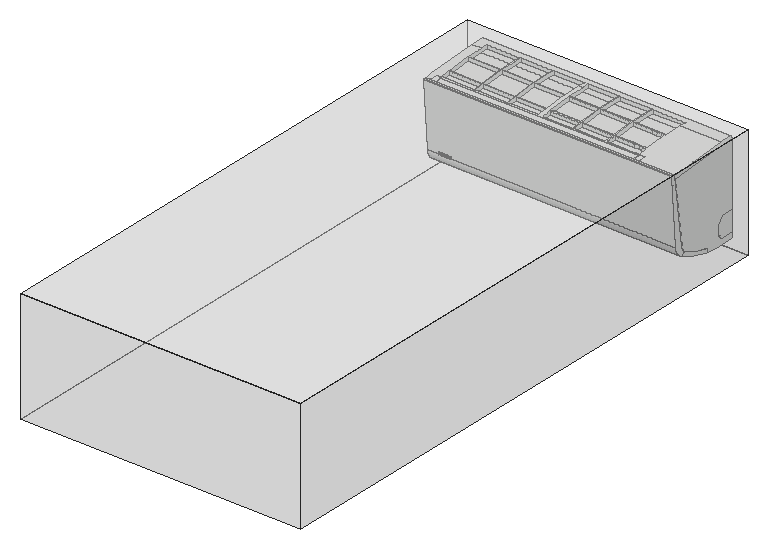
Revit family "outputfile", category 機械設備, Revit 2024
Family settings
  丸型コネクタ寸法 = 半径を使用
  パーツ タイプ = 標準
  OmniClass 番号 = 23.75.10.24.21.27.27
  OmniClass タイトル = Split System Air Conditioning Units
  作業面ベース = いいえ
  常に垂直 = はい
  ロード時にボイドで切り取り = いいえ
  注釈の向きを維持 = いいえ
  共有 = いいえ
  部屋計算ポイント = いいえ
Parameters (values of type "FTKF35AV14")
  Description = ""
  書き出し IFC クラス(タイプ) = "IfcUnitaryEquipmentType"
  定義済み IFC タイプ(タイプ) = "AIRCONDITIONINGUNIT"
  Cost = 0
  Type Comments = ""
  Keynote = ""
  Type Image = (empty or 0)
  Assembly Code = ""
  switch_frequency = yes
  lw_connection [instance] = if(Width = 730.0 mm, 85.0 mm, if(Width = 770.0 mm, 48.0 mm, 60.0 mm))  # 48.0 mm
  製造元 = "Daikin"
  モデル = "FTKF35AV14"
  r_Liquid Pipe Size = Liquid Pipe Size / 2  # 3.2 mm
  r_Gas Pipe Size = Gas Pipe Size / 2  # 4.75 mm
  r_Drain Pipe Size = Drain Pipe Size / 2  # 9.55 mm
  lw_powersupply [instance] = if(Width = 730.0 mm, if(or(Rear Right Connection_refrigerant, Bottom Right Connection_refrigerant), 65.0 mm, if(or(Rear Left Connection_refrigerant, Bottom Left Connection_refrigerant), 695.0 mm, 400.0 mm)), if(Width = 770.0 mm, if(or(Rear Right Connection_refrigerant, Bottom Right Connection_refrigerant), 68.0 mm, if(or(Rear Left Connection_refrigerant, Bottom Left Connection_refrigerant), 705.0 mm, 400.0 mm)), if(or(Rear Right Connection_refrigerant, Bottom Right Connection_refrigerant), 83.0 mm, if(or(Rear Left Connection_refrigerant, Bottom Left Connection_refrigerant), 928.0 mm, 400.0 mm))))  # 400.0 mm
  lw_liquidpipe [instance] = if(Width = 730.0 mm, if(or(Rear Right Connection_refrigerant, Bottom Right Connection_refrigerant), 0.0 mm, if(or(Rear Left Connection_refrigerant, Bottom Left Connection_refrigerant), 582.0 mm, 473.0 mm)), if(Width = 770.0 mm, if(or(Rear Right Connection_refrigerant, Bottom Right Connection_refrigerant), 0.0 mm, if(or(Rear Left Connection_refrigerant, Bottom Left Connection_refrigerant), 682.0 mm, 385.0 mm)), if(or(Rear Right Connection_refrigerant, Bottom Right Connection_refrigerant), 10.0 mm, if(or(Rear Left Connection_refrigerant, Bottom Left Connection_refrigerant), 858.0 mm, 435.0 mm))))  # 385.0 mm
  lw_gaspipe [instance] = if(Width = 730.0 mm, if(or(Rear Right Connection_refrigerant, Bottom Right Connection_refrigerant), 0.0 mm, if(or(Rear Left Connection_refrigerant, Bottom Left Connection_refrigerant), 576.0 mm, 428.0 mm)), if(Width = 770.0 mm, if(or(Rear Right Connection_refrigerant, Bottom Right Connection_refrigerant), 0.0 mm, if(or(Rear Left Connection_refrigerant, Bottom Left Connection_refrigerant), 675.0 mm, 335.0 mm)), if(or(Rear Right Connection_refrigerant, Bottom Right Connection_refrigerant), 0.0 mm, if(or(Rear Left Connection_refrigerant, Bottom Left Connection_refrigerant), 851.0 mm, 400.0 mm))))  # 335.0 mm
  lw_drainpipe [instance] = if(Width = 730.0 mm, if(or(Rear Right Connection_refrigerant, Bottom Right Connection_refrigerant), 0.0 mm, if(or(Rear Left Connection_refrigerant, Bottom Left Connection_refrigerant), 590.0 mm, 488.0 mm)), if(Width = 770.0 mm, if(or(Rear Right Connection_refrigerant, Bottom Right Connection_refrigerant), 0.0 mm, if(or(Rear Left Connection_refrigerant, Bottom Left Connection_refrigerant), 695.0 mm, 440.0 mm)), if(or(Rear Right Connection_refrigerant, Bottom Right Connection_refrigerant), 0.0 mm, if(or(Rear Left Connection_refrigerant, Bottom Left Connection_refrigerant), 888.0 mm, 475.0 mm))))  # 440.0 mm
  l_powersupply_length [instance] = if(Width = 730.0 mm, if(Right Connection_refrigerant, 400.0 mm, if(Left Connection_refrigerant, 330.0 mm, if(or(Bottom Left Connection_refrigerant, Bottom Right Connection_refrigerant), 57.0 mm, if(or(Rear Left Connection_refrigerant, Rear Right Connection_refrigerant), 15.0 mm, 50.0 mm)))), if(Width = 770.0 mm, if(Right Connection_refrigerant, 400.0 mm, if(Left Connection_refrigerant, 370.0 mm, if(or(Bottom Left Connection_refrigerant, Bottom Right Connection_refrigerant), 57.0 mm, if(or(Rear Left Connection_refrigerant, Rear Right Connection_refrigerant), 15.0 mm, 50.0 mm)))), if(Right Connection_refrigerant, 400.0 mm, if(Left Connection_refrigerant, 590.0 mm, if(or(Bottom Left Connection_refrigerant, Bottom Right Connection_refrigerant), 57.0 mm, if(or(Rear Left Connection_refrigerant, Rear Right Connection_refrigerant), 15.0 mm, 50.0 mm))))))  # 400.0 mm
  l_liquidpipe_length [instance] = if(Width = 730.0 mm, if(Right Connection_refrigerant, 558.0 mm, if(Left Connection_refrigerant, 172.0 mm, if(or(Bottom Left Connection_refrigerant, Bottom Right Connection_refrigerant), 48.0 mm, if(or(Rear Left Connection_refrigerant, Rear Right Connection_refrigerant), 30.0 mm, 40.0 mm)))), if(Width = 770.0 mm, if(Right Connection_refrigerant, 433.0 mm, if(Left Connection_refrigerant, 337.0 mm, if(or(Bottom Left Connection_refrigerant, Bottom Right Connection_refrigerant), 48.0 mm, if(or(Rear Left Connection_refrigerant, Rear Right Connection_refrigerant), 30.0 mm, 40.0 mm)))), if(Right Connection_refrigerant, 495.0 mm, if(Left Connection_refrigerant, 495.0 mm, if(or(Bottom Left Connection_refrigerant, Bottom Right Connection_refrigerant), 48.0 mm, if(or(Rear Left Connection_refrigerant, Rear Right Connection_refrigerant), 30.0 mm, 40.0 mm))))))  # 433.0 mm
  l_gaspipe_length [instance] = if(Width = 730.0 mm, if(Right Connection_refrigerant, 513.0 mm, if(Left Connection_refrigerant, 217.0 mm, if(or(Bottom Left Connection_refrigerant, Bottom Right Connection_refrigerant), 57.0 mm, if(or(Rear Left Connection_refrigerant, Rear Right Connection_refrigerant), 40.0 mm, 50.0 mm)))), if(Width = 770.0 mm, if(Right Connection_refrigerant, 383.0 mm, if(Left Connection_refrigerant, 387.0 mm, if(or(Bottom Left Connection_refrigerant, Bottom Right Connection_refrigerant), 57.0 mm, if(or(Rear Left Connection_refrigerant, Rear Right Connection_refrigerant), 40.0 mm, 50.0 mm)))), if(Right Connection_refrigerant, 460.0 mm, if(Left Connection_refrigerant, 530.0 mm, if(or(Bottom Left Connection_refrigerant, Bottom Right Connection_refrigerant), 57.0 mm, if(or(Rear Left Connection_refrigerant, Rear Right Connection_refrigerant), 40.0 mm, 50.0 mm))))))  # 383.0 mm
  l_drainpipe_length [instance] = if(Width = 730.0 mm, if(Right Connection_refrigerant, 573.0 mm, if(Left Connection_refrigerant, 157.0 mm, if(or(Bottom Left Connection_refrigerant, Bottom Right Connection_refrigerant), 35.0 mm, if(or(Rear Left Connection_refrigerant, Rear Right Connection_refrigerant), 15.0 mm, 20.0 mm)))), if(Width = 770.0 mm, if(Right Connection_refrigerant, 488.0 mm, if(Left Connection_refrigerant, 282.0 mm, if(or(Bottom Left Connection_refrigerant, Bottom Right Connection_refrigerant), 35.0 mm, if(or(Rear Left Connection_refrigerant, Rear Right Connection_refrigerant), 15.0 mm, 20.0 mm)))), if(Right Connection_refrigerant, 535.0 mm, if(Left Connection_refrigerant, 455.0 mm, if(or(Bottom Left Connection_refrigerant, Bottom Right Connection_refrigerant), 35.0 mm, if(or(Rear Left Connection_refrigerant, Rear Right Connection_refrigerant), 15.0 mm, 20.0 mm))))))  # 488.0 mm
  h*** = 0.0 mm  # constant formula
  connector_voltage = Voltage_50Hz  # 230 V
  connector_powerinput = [Power Input (Cooling)]  # 1.200 kW
  connector_phase = Phase_50Hz  # 1
  angle_vertical [instance] = if(or(Bottom Left Connection_refrigerant, Bottom Right Connection_refrigerant), 0.00°, 90.00°)  # 90.00°
  angle_horizontal [instance] = if(Right Connection_refrigerant, 90.00°, if(Left Connection_refrigerant, -90.00°, if(or(Rear Left Connection_refrigerant, Rear Right Connection_refrigerant), 180.00°, 0.00°)))  # 90.00°
  Width = 770.0 mm
  Voltage_comment_50Hz = "220 - 240"
  Voltage_50Hz = 230 V
  Version = "ver.1.0"
  Unit Type = "Wall Mounted"
  Unit Mass Weight = 9.00 kg
  Unit Designation [instance] = ""
  Uniclass2015Version = "Products v1.30"
  Uniclass2015Title = "Split coil room air conditioning units"
  Uniclass2015Code = "Pr_70_65_03_86"
  URL = ""
  Total Cooling Capacity [instance] = 0.000 kW
  Sound Pressure Level_M speed (dBA) = 34
  Sound Pressure Level_L speed (dBA) = 26
  Sound Pressure Level_H speed (dBA) = 39
  Sound Power Level_H speed (dB) = 0
  Series = "Single Split_Fan Coil Unit"
  Sensible Cooling Capacity [instance] = 0.000 kW
  Refrigerant Type = "R32"
  Power Input (Cooling) = 1.200 kW
  Phase_50Hz = 1
  Option Accessory 3 [instance] = ""
  Option Accessory 2 [instance] = ""
  Option Accessory 1 [instance] = ""
  Nominal Cooling Capacity = 3.600 kW
  Minimum Circuit Amps_50Hz = 10.0 A
  Minimum Airflow = 425.00 m³/h
  Median Airflow = 561.00 m³/h
  Maximum Fuse Amps_50Hz = 16.0 A
  Maximum Airflow = 680.00 m³/h
  Material_Casing = DAIKIN_White_Casing_indoorunit
  Load Classification = HVAC
  Liquid Pipe Size = 6.4 mm
  Link_Nested Family [instance] = ""
  IfcVersion = ""
  IfcExportType = "AIRCONDITIONINGUNIT"
  IfcExportAs = "IfcUnitaryEquipmentType"
  Height = 288.0 mm
  Heat Exchanger Type = "Cross Fin Coil"
  Gas Pipe Size = 9.5 mm
  Frequency_50Hz = 50 Hz
  Fan Type = "Cross Flow Fan"
  Fan Drive = "Direct Drive"
  FCU Tag No. [instance] = ""
  Drain Pipe Size = 19.1 mm
  Design Supply Airflow [instance] = 0.00 m³/h
  Depth = 234.0 mm
  既定の高さ = 0.0 mm
  Cooling Entering Wet Bulb Temperature [instance] = 0.00 °C
  Cooling Entering Dry Bulb Temperature [instance] = 0.00 °C
  Cooling Ambient Wet Bulb Temperature [instance] = 0.00 °C
  Cooling Ambient Dry Bulb Temperature [instance] = 0.00 °C
  Clearance visibility [instance] = yes
  Clearance Top = 30.0 mm
  Clearance Right = 50.0 mm
  Clearance Rear = 0.0 mm
  Clearance Left = 50.0 mm
  Clearance Front = 1500.0 mm
  Clearance Bottom = 30.0 mm
  Bottom Right Connection_refrigerant [instance] = no
  Bottom Left Connection_refrigerant [instance] = no
  Rear Right Connection_refrigerant [instance] = no
  Rear Left Connection_refrigerant [instance] = no
  Right Connection_refrigerant [instance] = yes
  Left Connection_refrigerant [instance] = no
Reference planes
  plane 1 "Back": y = 0
  plane 2: z = 0
  plane 3 "Center (Left/Right)": x = 0
  plane 4 "Center (Front/Back)": y = -117
  plane 5 "Front": y = -234
  plane 6 "Left": x = -385
  plane 7 "Right": x = 385
  plane 8 "Top": z = 0
  plane 9 "Bottom": z = -288
  plane 10 "Front panel_Left": x = -383
  plane 11 "Front panel_Right": x = 383
  plane 12: x = 249
  plane 13: x = 244
  plane 14: x = -435
  plane 15: x = 435
  plane 16: y = 0
  plane 17: y = -213
  plane 18: z = 30
  plane 19: z = -318
  plane 20 "lw_Piping and Wiring intake": x = 337
  plane 21 "lw_gaspipe": x = 2
  plane 22 "lw_liquidpipe": x = -48
  plane 23 "lw_drainpipe": x = -103
  plane 24 "lh_drainpipe": z = -253
  plane 25 "lh_liquidpipe": z = -240
  plane 26 "lh_gaspipe": z = -231
  plane 27 "ld_drainpipe": y = -15
  plane 28 "ld_liquidpipe": y = -30
  plane 29 "ld_gaspipe": y = -40
  plane 30 "lw_powersupply": x = -15
  plane 31: y = -1734
Dimensions and locks
  equal spacing: plane 6 "Left", plane 3 "Center (Left/Right)", plane 7 "Right"
  "Width": plane 6 "Left" to plane 7 "Right"
  equal spacing: plane 5 "Front", plane 4 "Center (Front/Back)", plane 1 "Back"
  "Depth": plane 5 "Front" to plane 1 "Back"
  "Height": plane 8 "Top" to plane 9 "Bottom"
  locked: plane 10 "Front panel_Left" to plane 6 "Left" at 2
  locked: plane 7 "Right" to plane 11 "Front panel_Right" at 2
  locked: plane 7 "Right" to plane 12 at 136
  locked: plane 12 to plane 13 at 5
  "Clearance Rear": plane 16 to plane 1 "Back"
  "Clearance Top": plane 18 to plane 8 "Top"
  "Clearance Bottom": plane 9 "Bottom" to plane 19
  "lw_connection": plane 20 "lw_Piping and Wiring intake" to plane 7 "Right"
  "lw_gaspipe": plane 21 "lw_gaspipe" to plane 20 "lw_Piping and Wiring intake"
  "lw_liquidpipe": plane 22 "lw_liquidpipe" to plane 20 "lw_Piping and Wiring intake"
  "lw_drainpipe": plane 23 "lw_drainpipe" to plane 20 "lw_Piping and Wiring intake"
  locked: plane 24 "lh_drainpipe" to plane 9 "Bottom" at 35
  locked: plane 25 "lh_liquidpipe" to plane 9 "Bottom" at 48
  locked: plane 26 "lh_gaspipe" to plane 9 "Bottom" at 57
  locked: plane 27 "ld_drainpipe" to plane 1 "Back" at 15
  locked: plane 1 "Back" to plane 28 "ld_liquidpipe" at 30
  locked: plane 1 "Back" to plane 29 "ld_gaspipe" at 40
  "lw_powersupply": plane 30 "lw_powersupply" to plane 7 "Right"
  "Clearance Left": plane 14 to plane 6 "Left"
  "Clearance Right": plane 7 "Right" to plane 15
  "Clearance Front": plane 5 "Front" to plane 31
  aligned and locked: level to plane 2
  aligned and locked: plane 16 to nested 1
  aligned and locked: nested 1 to plane 14
  aligned and locked: nested 1 to plane 15
  aligned and locked: plane 19 to nested 1
  aligned and locked: plane 18 to nested 1
  aligned and locked: plane 21 "lw_gaspipe" to nested 2
  aligned and locked: nested 2 to plane 29 "ld_gaspipe"
  aligned and locked: plane 22 "lw_liquidpipe" to nested 3
  aligned and locked: nested 3 to plane 28 "ld_liquidpipe"
  aligned and locked: plane 23 "lw_drainpipe" to nested 4
  aligned and locked: nested 4 to plane 27 "ld_drainpipe"
  aligned and locked: nested 5 to plane 27 "ld_drainpipe"
  aligned and locked: plane 30 "lw_powersupply" to nested 5
  aligned and locked: level to plane 8 "Top"
  aligned and locked: nested 1 to plane 31
Nested families
  nested 1: "daikin_clearancespace" at (0, -867, -143.881), show <- "Clearance visibility", visible <- "Clearance visibility", Link_Nested Family <- "Link_Nested Family", type "daikin_clearancespace"
    with width 870.0 mm, show yes, height 348.0 mm, depth 1734.0 mm, Link_Nested Family ""
  nested 2: "daikin_connector_rotate3" at (2, -40, -231), angle_vertical <- "angle_vertical", angle_horizontal <- "angle_horizontal", length <- "l_gaspipe_length", radius <- "r_Gas Pipe Size", type "daikin_connector_rotate3"
    with show no, radius 4.75 mm, length 383.0 mm, angle_vertical 90.00°, angle_horizontal 90.00°
  nested 3: "daikin_connector_rotate3" at (-48, -30, -240), angle_vertical <- "angle_vertical", angle_horizontal <- "angle_horizontal", radius <- "r_Liquid Pipe Size", length <- "l_liquidpipe_length", type "daikin_connector_rotate3"
    with show no, radius 3.2 mm, length 433.0 mm, angle_vertical 90.00°, angle_horizontal 90.00°
  nested 4: "daikin_connector_rotate3" at (-103, -15, -253), angle_vertical <- "angle_vertical", angle_horizontal <- "angle_horizontal", length <- "l_drainpipe_length", radius <- "r_Drain Pipe Size", type "daikin_connector_rotate3"
    with show no, radius 9.55 mm, length 488.0 mm, angle_vertical 90.00°, angle_horizontal 90.00°
  nested 5: "daikin_connector_rotate3" at (-15, -15, -231), angle_vertical <- "angle_vertical", angle_horizontal <- "angle_horizontal", length <- "l_powersupply_length", type "daikin_connector_rotate3"
    with show no, radius 10.0 mm, length 400.0 mm, angle_vertical 90.00°, angle_horizontal 90.00°
  nested 6: "DAIKIN_indoorunit_FTKF-AV14" at (-31, 0, 0), type "FTKF-AV14"
    with switch_unit1_35-50 yes, switch_unit1_25 no, Width 770.0 mm, WALL HOLE-R 48.0 mm, Height 288.0 mm
Connectors
  piping at (385, -40, -231), diameter 9.5, driven by "r_Gas Pipe Size"
    settings: on nested 2, index 1, connector inside diameter 609.6 mm, connector length 0.0 mm, flow factor 0, pipe flow 0.00 m³/h, pressure drop 0.0 Pa, fitting loss kfactor 0, connector angle 0.00°, fixture units 0, engagement length 0.0 mm, angle of deflection 0.00°, flow configuration 1, flow direction 2, fitting loss method 0, system type 29, joint type 0, gender type 0, connector reference index -1, connector utility 0, adjustable connector no, is connector primary yes, connector description "Refrigerant Gas Piping"
  piping at (385, -30, -240), diameter 6.4, driven by "r_Liquid Pipe Size"
    settings: on nested 3, index 2, connector inside diameter 609.6 mm, connector length 0.0 mm, flow factor 0, pipe flow 0.00 m³/h, pressure drop 0.0 Pa, fitting loss kfactor 0, connector angle 0.00°, fixture units 0, engagement length 0.0 mm, angle of deflection 0.00°, flow configuration 1, flow direction 1, fitting loss method 0, system type 29, joint type 0, gender type 0, connector reference index -1, connector utility 0, adjustable connector no, is connector primary no, connector description "Refrigerant Liquid Piping"
  piping at (385, -15, -253), diameter 19.1, driven by "r_Drain Pipe Size"
    settings: on nested 4, index 3, connector inside diameter 609.6 mm, connector length 0.0 mm, flow factor 0, pipe flow 0.00 m³/h, pressure drop 0.0 Pa, fitting loss kfactor 0, connector angle 0.00°, fixture units 0, engagement length 0.0 mm, angle of deflection 0.00°, flow configuration 1, flow direction 2, fitting loss method 4, system type 16, joint type 0, gender type 0, connector reference index -1, connector utility 0, adjustable connector no, is connector primary no, connector description "Condensate Drain Piping"
  electrical at (385, -15, -231), driven by "Load Classification", driven by "connector_powerinput", driven by "connector_phase", driven by "connector_voltage"
    settings: on nested 5, index 4, voltage 230 V, apparent load 1200 VA, apparent load phase1 0 VA, apparent load phase2 0 VA, apparent load phase3 0 VA, power factor 1, load classification "HVAC", number of poles 1, system type 30, power factor state 1, is connector primary yes, connector utility no, sub classification motor no, connector description "Power Supply"
Definition of nested family "daikin_clearancespace"
  Parameters (values of type "daikin_clearancespace")
    Description = "daikin_clearancespace"
    width [instance] = 1823.963 mm
    show [instance] = yes
    material = none
    height [instance] = 1359.762 mm
    depth [instance] = 880.0 mm
    Default Elevation = 0.0 mm
    Link_Nested Family [instance] = ""
  Reference planes
    plane 1 "Center (Front/Back)": y = 0
    plane 2 "Center (Elevation)": z = -0.119
    plane 3 "Center (Left/Right)": x = 0
    plane 4: y = 440
    plane 5: y = -440
    plane 6 "Right": x = 911.982
    plane 7 "Left": x = -911.982
    plane 8 "Top": z = 679.762
    plane 9 "Bottom": z = -680
  Forms (mm)
    Extrusion 1, solid, material <- "material", visible <- "show"
      sketch origin (0, 0, 0) x (1, 0, 0) y (0, 1, 0)
        loop
          line (-911.982, 440) -> (-911.982, -440) -> (911.982, -440) -> (911.982, 440) -> (-911.982, 440)
      from -680 to 679.762
  Lines and regions (mm)
    symbolic lines, visible <- "show"
      curve 1: line (911.982, 440, 0) -> (-911.982, 440, 0)
      curve 2: line (-911.982, 440, 0) -> (-911.982, -440, 0)
      curve 3: line (-911.982, -440, 0) -> (911.982, -440, 0)
      curve 4: line (911.982, -440, 0) -> (911.982, 440, 0)
      curve 5: line (911.982, 0, 679.762) -> (-911.982, 0, 679.762)
      curve 6: line (911.982, 0, -680) -> (911.982, 0, 679.762)
      curve 7: line (-911.982, 0, -680) -> (911.982, 0, -680)
      curve 8: line (-911.982, 0, 679.762) -> (-911.982, 0, -680)
      curve 9: line (0, 440, 679.762) -> (0, -440, 679.762)
      curve 10: line (0, -440, 679.762) -> (0, -440, -680)
      curve 11: line (0, 440, -680) -> (0, 440, 679.762)
      curve 12: line (0, -440, -680) -> (0, 440, -680)
  Dimensions and locks
    "width": plane 7 "Left" to plane 6 "Right"
    "depth": plane 4 to plane 5
    "height": plane 8 "Top" to plane 9 "Bottom"
    equal spacing: plane 7 "Left", plane 3 "Center (Left/Right)", plane 6 "Right"
    equal spacing: plane 4, plane 1 "Center (Front/Back)", plane 5
    equal spacing: plane 8 "Top", plane 2 "Center (Elevation)", plane 9 "Bottom"
    aligned and locked: level to plane 2 "Center (Elevation)"
    aligned and locked: Extrusion 1 sketch curve to plane 4
    aligned and locked: plane 7 "Left" to Extrusion 1 sketch curve
    aligned and locked: Extrusion 1 sketch curve to plane 5
    aligned and locked: Extrusion 1 sketch curve to plane 6 "Right"
    aligned and locked: plane 8 "Top" to Extrusion 1
    aligned and locked: curve 1 to Extrusion 1
    aligned and locked: curve 2 to Extrusion 1
    aligned and locked: curve 3 to Extrusion 1
    aligned and locked: curve 4 to Extrusion 1
    aligned and locked: curve 5 to Extrusion 1
    aligned and locked: curve 6 to Extrusion 1
    aligned and locked: curve 7 to Extrusion 1
    aligned and locked: curve 8 to Extrusion 1
    aligned and locked: curve 9 to Extrusion 1
    aligned and locked: curve 10 to Extrusion 1
    aligned and locked: curve 11 to Extrusion 1
    aligned and locked: curve 12 to Extrusion 1
    aligned and locked: Extrusion 1 to plane 9 "Bottom"
Definition of nested family "DAIKIN_indoorunit_FTKF-AV14"
  Parameters (values of type "FTKF-AV14")
    switch_unit1_60 = Width = 990.0 mm  # no
    switch_unit1_35-50 = Width = 770.0 mm  # no
    switch_unit1_25 = Width = 730.0 mm  # yes
    Width = 730.0 mm
    WALL HOLE-R = if(Width = 730.0 mm, 79.0 mm, 48.0 mm)  # 79.0 mm
    Material_Casing = none
    Height = if(Width = 730.0 mm, 280.0 mm, if(Width = 770.0 mm, 288.0 mm, 297.0 mm))  # 280.0 mm
    Default Elevation = 0.0 mm
  Reference planes
    plane 1 "Center (Front/Back)": y = 0
    plane 2 "reference_level": z = 0
    plane 3 "Center (Left/Right)": x = 31
    plane 4: x = -334
    plane 5: x = 396
    plane 6: z = -280
  Forms (mm)
    Extrusion 1, solid, material <- "Material_Casing", visible <- "switch_unit1_25"
      sketch origin (31, 0, 0) x (0, 1, 0) y (0, 0, 1)
        loop
          line (-109.519, -8) -> (-2.596, -8) -> (-8.198, 0) -> (-109.608, 0)
          arc (-109.608, 0) -> (-157.226, -5.2) -> (-202.599, -20.555) r 220.623
          line (-202.599, -20.555) -> (-202.447, -29.25)
          arc (-202.447, -29.25) -> (-157.182, -13.38) -> (-109.519, -8) r 213.82
      from -365 to 365
    Extrusion 2, solid, material <- "Material_Casing", visible <- "switch_unit1_25"
      sketch origin (416, 1304.033, 1200.206) x (0, 1, 0) y (0, 0, 1)
        loop
          arc (-1496.513, -1423.164) -> (-1487.225, -1434.204) -> (-1476.373, -1443.711) r 95
          arc (-1476.373, -1443.711) -> (-1448.371, -1461.92) -> (-1418.191, -1476.232) r 250
          line (-1418.191, -1476.232) -> (-1418.191, -1465.318)
          arc (-1418.191, -1465.318) -> (-1445.052, -1452.134) -> (-1470.063, -1435.711) r 240
          arc (-1470.063, -1435.711) -> (-1477.766, -1429.186) -> (-1484.641, -1421.794) r 85
          line (-1484.641, -1421.794) -> (-1496.513, -1423.164)
      from -20 to -177
    Extrusion 3, solid, material <- "Material_Casing", visible <- "switch_unit1_25"
      sketch origin (31, 0, 0) x (0, 1, 0) y (0, 0, 1)
        loop
          line (-202.769, -10.816) -> (-211.618, -13.692)
          arc (-211.618, -13.692) -> (-212.628, -14.432) -> (-213, -15.629) r 2
          line (-213, -15.629) -> (-210.348, -167.5)
          arc (-210.348, -167.5) -> (-206.029, -195.818) -> (-193.465, -221.562) r 95
          line (-193.465, -221.562) -> (-181.653, -220.199)
          arc (-181.653, -220.199) -> (-195.31, -195.356) -> (-200.037, -167.403) r 85
          line (-200.037, -167.403) -> (-202.769, -10.816)
      from -365 to 365
    Extrusion 4, solid, material <- "Material_Casing", visible <- "switch_unit1_25"
      sketch origin (31, 0, 0) x (0, 1, 0) y (0, 0, 1)
        loop
          line (0, -280) -> (0, -11.707) -> (-2.596, -8) -> (-109.519, -8)
          arc (-109.519, -8) -> (-156.378, -13.198) -> (-200.959, -28.539) r 213.82
          line (-200.959, -28.539) -> (-198.537, -167.295)
          arc (-198.537, -167.295) -> (-189.766, -204.754) -> (-165.131, -234.305) r 83.5
          arc (-165.131, -234.305) -> (-139.841, -250.873) -> (-112.659, -264.109) r 238.5
          line (-112.659, -264.109) -> (-112.659, -276.338)
          arc (-112.659, -276.338) -> (-100.834, -279.079) -> (-88.731, -280) r 80
          line (-88.731, -280) -> (0, -280)
      from -365 to 365
    Extrusion 5, solid, material <- "Material_Casing", visible <- "switch_unit1_25"
      sketch origin (-354, 1304.033, 1200.206) x (0, 1, 0) y (0, 0, 1)
        loop
          arc (-1496.513, -1423.164) -> (-1487.225, -1434.204) -> (-1476.373, -1443.711) r 95
          arc (-1476.373, -1443.711) -> (-1448.371, -1461.92) -> (-1418.191, -1476.232) r 250
          line (-1418.191, -1476.232) -> (-1418.191, -1465.318)
          arc (-1418.191, -1465.318) -> (-1445.052, -1452.134) -> (-1470.063, -1435.711) r 240
          arc (-1470.063, -1435.711) -> (-1477.766, -1429.186) -> (-1484.641, -1421.794) r 85
          line (-1484.641, -1421.794) -> (-1496.513, -1423.164)
      from 72 to 20
    Extrusion 6, solid, material <- "Material_Casing", visible <- "switch_unit1_25"
      sketch origin (31, 7.782, 0.206) x (0, 1, 0) y (0, 0, 1)
        loop
          line (-188.39, -221.794) -> (-200.262, -223.164)
          arc (-200.262, -223.164) -> (-190.975, -234.204) -> (-180.122, -243.711) r 95
          arc (-180.122, -243.711) -> (-152.12, -261.92) -> (-121.941, -276.232) r 250
          line (-121.941, -276.232) -> (-121.941, -265.318)
          arc (-121.941, -265.318) -> (-148.801, -252.134) -> (-173.813, -235.711) r 240
          arc (-173.813, -235.711) -> (-181.515, -229.186) -> (-188.39, -221.794) r 85
      from 204 to -309
    Extrusion 7, void
      sketch origin (31, 0, -235) x (1, 0, 0) y (0, 1, 0)
        loop
          line (-324.633, -72.419) -> (-304, -73.5) -> (-234.9, -73.5) -> (-234.9, -24.5) -> (-324.633, -24.5) -> (-324.633, -72.419)
        loop
          line (-304, -74.9) -> (-324.633, -75.939) -> (-324.633, -139.819) -> (-304, -140.9) -> (-234.9, -140.9) -> (-234.9, -74.9) -> (-304, -74.9)
        loop
          line (-304, -142.3) -> (-324.633, -143.326) -> (-324.633, -182.209) -> (-300, -183.5) -> (-234.9, -183.5) -> (-234.9, -142.3) -> (-304, -142.3)
        loop
          line (-233.5, -142.3) -> (-233.5, -183.5) -> (-146.9, -183.5) -> (-146.9, -142.3) -> (-233.5, -142.3)
        loop
          line (-233.5, -140.9) -> (-146.9, -140.9) -> (-146.9, -74.9) -> (-233.5, -74.9) -> (-233.5, -140.9)
        loop
          line (-233.5, -73.5) -> (-146.9, -73.5) -> (-146.9, -24.5) -> (-233.5, -24.5) -> (-233.5, -73.5)
        loop
          line (-145.5, -73.5) -> (-74.9, -73.5) -> (-54.9, -72.452) -> (-54.9, -24.5) -> (-145.5, -24.5) -> (-145.5, -73.5)
        loop
          line (-145.5, -74.9) -> (-145.5, -140.9) -> (-74.9, -140.9) -> (-54.9, -139.852) -> (-54.9, -75.948) -> (-74.9, -74.9) -> (-145.5, -74.9)
        loop
          line (-145.5, -142.3) -> (-145.5, -183.5) -> (-74.9, -183.5) -> (-54.9, -182.452) -> (-54.9, -143.348) -> (-74.9, -142.3) -> (-145.5, -142.3)
        loop
          line (-53.5, -24.5) -> (-53.5, -72.452) -> (-33.5, -73.5) -> (36.5, -73.5) -> (36.5, -24.5) -> (-53.5, -24.5)
        loop
          line (-53.5, -75.948) -> (-53.5, -139.852) -> (-33.5, -140.9) -> (36.5, -140.9) -> (36.5, -74.9) -> (-33.5, -74.9) -> (-53.5, -75.948)
        loop
          line (-33.5, -142.3) -> (-53.5, -143.348) -> (-53.5, -182.452) -> (-33.5, -183.5) -> (36.5, -183.5) -> (36.5, -142.3) -> (-33.5, -142.3)
        loop
          line (37.9, -24.5) -> (37.9, -73.5) -> (124.9, -73.5) -> (124.9, -24.5) -> (37.9, -24.5)
        loop
          line (37.9, -74.9) -> (37.9, -140.9) -> (124.9, -140.9) -> (124.9, -74.9) -> (37.9, -74.9)
        loop
          line (37.9, -142.3) -> (37.9, -183.5) -> (124.9, -183.5) -> (124.9, -142.3) -> (37.9, -142.3)
        loop
          line (126.3, -24.5) -> (126.3, -73.5) -> (195.6, -73.5) -> (216, -72.431) -> (216, -24.5) -> (126.3, -24.5)
        loop
          line (126.3, -74.9) -> (126.3, -140.9) -> (198.5, -140.9) -> (216, -139.983) -> (216, -75.817) -> (198.5, -74.9) -> (126.3, -74.9)
        loop
          line (126.3, -142.3) -> (126.3, -183.5) -> (198.337, -183.5) -> (216, -182.623) -> (216, -143.217) -> (198.5, -142.3) -> (126.3, -142.3)
      from 201.638 to 250
    Extrusion 8, solid, material <- "Material_Casing"
      sketch origin (31, 0, 0) x (1, 0, 0) y (0, 0, 1)
        loop
          circle (286, -235) r 40
        loop
          circle (-317, -235) r 40
      from 0 to 5
    Extrusion 9, solid, material <- "Material_Casing", visible <- "switch_unit1_25"
      sketch origin (396, 1296.25, 1200) x (0, -1, 0) y (0, 0, 1)
        loop
          line (1326.25, -1413) -> (1296.25, -1413) -> (1296.25, -1473) -> (1326.25, -1473)
          arc (1326.25, -1473) -> (1340.393, -1467.142) -> (1346.25, -1453) r 20
          line (1346.25, -1453) -> (1346.25, -1433)
          arc (1346.25, -1433) -> (1340.393, -1418.858) -> (1326.25, -1413) r 20
      from 0 to 5
    Extrusion 10, solid, material <- "Material_Casing", visible <- "switch_unit1_25"
      sketch origin (-334, 1296.25, 1200) x (0, 1, 0) y (0, 0, 1)
        loop
          line (-1296.25, -1413) -> (-1326.25, -1413)
          arc (-1326.25, -1413) -> (-1340.393, -1418.858) -> (-1346.25, -1433) r 20
          line (-1346.25, -1433) -> (-1346.25, -1453)
          arc (-1346.25, -1453) -> (-1340.393, -1467.142) -> (-1326.25, -1473) r 20
          line (-1326.25, -1473) -> (-1296.25, -1473) -> (-1296.25, -1413)
      from 0 to 5
    Extrusion 11, solid, material <- "Material_Casing", visible <- "switch_unit1_25"
      sketch origin (11, 0, -285) x (-1, 0, 0) y (0, -1, 0)
        loop
          line (-279, 0) -> (-279, 30)
          arc (-279, 30) -> (-284.419, 43.081) -> (-297.5, 48.5) r 18.5
          line (-297.5, 48.5) -> (-320.5, 48.5)
          arc (-320.5, 48.5) -> (-333.581, 43.081) -> (-339, 30) r 18.5
          line (-339, 30) -> (-339, 0) -> (-279, 0)
        loop
          line (326, 0) -> (326, 30)
          arc (326, 30) -> (320.581, 43.081) -> (307.5, 48.5) r 18.5
          line (307.5, 48.5) -> (284.5, 48.5)
          arc (284.5, 48.5) -> (271.419, 43.081) -> (266, 30) r 18.5
          line (266, 30) -> (266, 0) -> (326, 0)
      from 10 to 5
    Extrusion 12, solid, material <- "Material_Casing", visible <- "switch_unit1_35-50"
      sketch origin (31, 0, 0) x (0, 1, 0) y (0, 0, 1)
        loop
          line (-5, 0) -> (-45.84, 0)
          arc (-45.84, 0) -> (-135.906, -3.965) -> (-225.275, -15.831) r 1024.823
          arc (-225.275, -15.831) -> (-224.639, -21.302) -> (-223.878, -26.758) r 241.564
          arc (-223.878, -26.758) -> (-135.207, -14.947) -> (-45.84, -11) r 1013.66
          line (-45.84, -11) -> (0, -11) -> (0, -9.02) -> (-5, 0)
      from -385 to 385
    Extrusion 13, solid, material <- "Material_Casing", visible <- "switch_unit1_35-50"
      sketch origin (31, 0, 0) x (0, 1, 0) y (0, 0, 1)
        loop
          arc (-226.673, -12.416) -> (-229.519, -12.929) -> (-232.363, -13.449) r 1025.776
          arc (-232.363, -13.449) -> (-233.586, -14.198) -> (-233.994, -15.573) r 2
          line (-233.994, -15.573) -> (-218.08, -217.408)
          arc (-218.08, -217.408) -> (-211.296, -237.286) -> (-195.807, -251.472) r 42.415
          line (-195.807, -251.472) -> (-186.556, -243.946)
          arc (-186.556, -243.946) -> (-193.981, -235.221) -> (-197.648, -224.366) r 30.386
          line (-197.648, -224.366) -> (-226.673, -12.416)
      from -385 to 385
    Extrusion 14, void
      sketch origin (33, 0, 0) x (1, 0, 0) y (0, 1, 0)
        loop
          line (-357.499, -23.5) -> (-357.499, -96.7) -> (-255.999, -96.7) -> (-255.999, -23.5) -> (-357.499, -23.5)
        loop
          line (-255.999, -99.1) -> (-357.499, -99.1) -> (-357.499, -170.1) -> (-255.999, -170.1) -> (-255.999, -99.1)
        loop
          line (-255.999, -171.7) -> (-357.499, -171.7) -> (-357.499, -201.7) -> (-255.999, -201.7) -> (-255.999, -171.7)
        loop
          line (-253.399, -23.5) -> (-253.399, -96.7) -> (-153.899, -96.7) -> (-153.899, -23.5) -> (-253.399, -23.5)
        loop
          line (-253.399, -99.1) -> (-253.399, -170.1) -> (-153.899, -170.1) -> (-153.899, -99.1) -> (-253.399, -99.1)
        loop
          line (-153.899, -171.7) -> (-253.399, -171.7) -> (-253.399, -201.7) -> (-153.899, -201.7) -> (-153.899, -171.7)
        loop
          line (-56.549, -23.5) -> (-151.299, -23.5) -> (-151.299, -96.7) -> (-56.549, -96.7) -> (-56.549, -23.5)
        loop
          line (-151.299, -99.1) -> (-151.299, -170.1) -> (-56.549, -170.1) -> (-56.549, -99.1) -> (-151.299, -99.1)
        loop
          line (-56.549, -171.7) -> (-151.299, -171.7) -> (-151.299, -201.7) -> (-56.549, -201.7) -> (-56.549, -171.7)
        loop
          line (50.301, -23.5) -> (-44.549, -23.5) -> (-44.549, -96.7) -> (50.301, -96.7) -> (50.301, -23.5)
        loop
          line (-44.549, -99.1) -> (-44.549, -170.1) -> (50.301, -170.1) -> (50.301, -99.1) -> (-44.549, -99.1)
        loop
          line (50.301, -171.7) -> (-44.549, -171.7) -> (-44.549, -201.7) -> (50.301, -201.7) -> (50.301, -171.7)
        loop
          line (52.901, -23.5) -> (52.901, -96.7) -> (152.401, -96.7) -> (152.401, -23.5) -> (52.901, -23.5)
        loop
          line (52.901, -99.1) -> (52.901, -170.1) -> (152.401, -170.1) -> (152.401, -99.1) -> (52.901, -99.1)
        loop
          line (52.901, -171.7) -> (52.901, -201.7) -> (152.401, -201.7) -> (152.401, -171.7) -> (52.901, -171.7)
        loop
          line (155.001, -23.5) -> (155.001, -96.7) -> (256.501, -96.7) -> (256.501, -23.5) -> (155.001, -23.5)
        loop
          line (155.001, -99.1) -> (155.001, -170.1) -> (217.501, -170.1) -> (229.501, -170.1) -> (241.501, -170.1) -> (256.501, -170.1) -> (256.501, -152.1) -> (256.501, -134.1) -> (256.501, -116.1) -> (256.501, -99.1) -> (241.501, -99.1) -> (229.501, -99.1) -> (217.501, -99.1) -> (155.001, -99.1)
        loop
          line (155.001, -171.7) -> (155.001, -201.7) -> (217.501, -201.7) -> (229.501, -201.7) -> (241.501, -201.7) -> (256.501, -201.7) -> (256.501, -171.7) -> (241.501, -171.7) -> (229.501, -171.7) -> (217.501, -171.7) -> (155.001, -171.7)
      from -40.013 to 47.268
    Extrusion 15, solid, material <- "Material_Casing", visible <- "switch_unit1_35-50"
      sketch origin (-356, 1308.25, 1200) x (0, 1, 0) y (0, 0, -1)
        loop
          line (-1407.524, 1473.254) -> (-1407.524, 1484.154)
          arc (-1407.524, 1484.154) -> (-1456.679, 1472.122) -> (-1503.106, 1451.987) r 299.52
          line (-1503.106, 1451.987) -> (-1494.032, 1444.604)
          arc (-1494.032, 1444.604) -> (-1451.915, 1462.363) -> (-1407.524, 1473.254) r 288.723
      from -2 to -49.5
    Extrusion 16, solid, material <- "Material_Casing", visible <- "switch_unit1_35-50"
      sketch origin (418, 1308.25, 1200) x (0, 1, 0) y (0, 0, 1)
        loop
          arc (-1407.524, -1473.254) -> (-1451.915, -1462.363) -> (-1494.032, -1444.604) r 288.723
          line (-1494.032, -1444.604) -> (-1503.106, -1451.987)
          arc (-1503.106, -1451.987) -> (-1456.679, -1472.122) -> (-1407.524, -1484.154) r 299.52
          line (-1407.524, -1484.154) -> (-1407.524, -1473.254)
      from -2 to -119.5
    Extrusion 17, solid, material <- "Material_Casing", visible <- "switch_unit1_35-50"
      sketch origin (418, 1308.25, 1200) x (0, 1, 0) y (0, 0, 1)
        loop
          line (-1407.524, -1484.154) -> (-1407.524, -1473.254)
          arc (-1407.524, -1473.254) -> (-1451.915, -1462.363) -> (-1494.032, -1444.604) r 288.723
          line (-1494.032, -1444.604) -> (-1503.106, -1451.987)
          arc (-1503.106, -1451.987) -> (-1456.679, -1472.122) -> (-1407.524, -1484.154) r 299.52
      from -119.5 to -724.5
    Extrusion 18, solid, material <- "Material_Casing", visible <- "switch_unit1_35-50"
      sketch origin (31, 0, -30) x (0, 1, 0) y (0, 0, 1)
        loop
          arc (-45.84, 19) -> (-135.218, 15.052) -> (-223.901, 3.238) r 1013.66
          line (-223.901, 3.238) -> (-196.855, -194.257)
          arc (-196.855, -194.257) -> (-192.985, -205.344) -> (-185.107, -214.052) r 29.589
          arc (-185.107, -214.052) -> (-142.926, -231.76) -> (-98.473, -242.568) r 288.081
          line (-98.473, -242.568) -> (-98.525, -254.271)
          arc (-98.525, -254.271) -> (-75.337, -257.066) -> (-52, -258) r 292.099
          line (-52, -258) -> (0, -258) -> (0, 19) -> (-45.84, 19)
      from -385 to 385
    Extrusion 19, solid, material <- "Material_Casing", visible <- "switch_unit1_35-50"
      sketch origin (416, 1296.25, 1200) x (0, -1, 0) y (0, 0, 1)
        loop
          line (1329.05, -1409.6) -> (1296.25, -1409.6) -> (1296.25, -1469.6) -> (1329.05, -1469.6)
          arc (1329.05, -1469.6) -> (1342.627, -1463.976) -> (1348.25, -1450.4) r 19.2
          line (1348.25, -1450.4) -> (1348.25, -1428.8)
          arc (1348.25, -1428.8) -> (1342.627, -1415.224) -> (1329.05, -1409.6) r 19.2
      from 0 to 5
    Extrusion 20, solid, material <- "Material_Casing", visible <- "switch_unit1_35-50"
      sketch origin (-349, 1296.25, 1200) x (0, -1, 0) y (0, 0, 1)
        loop
          line (1329.05, -1409.6) -> (1296.25, -1409.6) -> (1296.25, -1469.6) -> (1329.05, -1469.6)
          arc (1329.05, -1469.6) -> (1342.627, -1463.976) -> (1348.25, -1450.4) r 19.2
          line (1348.25, -1450.4) -> (1348.25, -1428.8)
          arc (1348.25, -1428.8) -> (1342.627, -1415.224) -> (1329.05, -1409.6) r 19.2
      from 0 to 5
    Extrusion 21, solid, material <- "Material_Casing", visible <- "switch_unit1_35-50"
      sketch origin (31, 200, -288) x (-1, 0, 0) y (0, -1, 0)
        loop
          line (369, 200) -> (369, 232)
          arc (369, 232) -> (363.142, 246.142) -> (349, 252) r 20
          line (349, 252) -> (329, 252)
          arc (329, 252) -> (314.858, 246.142) -> (309, 232) r 20
          line (309, 232) -> (309, 200) -> (369, 200)
        loop
          line (-369, 200) -> (-309, 200) -> (-309, 232)
          arc (-309, 232) -> (-314.858, 246.142) -> (-329, 252) r 20
          line (-329, 252) -> (-349, 252)
          arc (-349, 252) -> (-363.142, 246.142) -> (-369, 232) r 20
          line (-369, 232) -> (-369, 200)
      from 0 to 5
    Extrusion 22, void
      sketch origin (0, 0, 0) x (1, 0, 0) y (0, 1, 0)
        loop
          line (-308, -185.757) -> (-308, -202.769) -> (262, -202.769) -> (262, -185.757) -> (-308, -185.757)
      from -35 to 0
    Extrusion 23, solid, material <- "Material_Casing", visible <- "switch_unit1_25"
      sketch origin (0, 0, 0) x (1, 0, 0) y (0, 1, 0)
        loop
          line (-308, -185.757) -> (-308, -202.757) -> (-293, -202.757) -> (-293, -185.757) -> (-308, -185.757)
        loop
          line (262, -185.757) -> (247, -185.757) -> (247, -202.757) -> (262, -202.757) -> (262, -185.757)
      from -35 to 0
    Extrusion 24, solid, material <- "Material_Casing", visible <- "switch_unit1_25"
      sketch origin (0, 0, 0) x (1, 0, 0) y (0, 1, 0)
        loop
          line (-293, -190.757) -> (-293, -202.757) -> (247, -202.757) -> (247, -190.757) -> (203.171, -190.757) -> (203.171, -194.257)
          arc (203.171, -194.257) -> (202.732, -195.318) -> (201.671, -195.757) r 1.5
          line (201.671, -195.757) -> (180.129, -195.757)
          arc (180.129, -195.757) -> (179.068, -195.318) -> (178.629, -194.257) r 1.5
          line (178.629, -194.257) -> (178.629, -190.757) -> (46.421, -190.757) -> (46.421, -194.257)
          arc (46.421, -194.257) -> (45.982, -195.318) -> (44.921, -195.757) r 1.5
          line (44.921, -195.757) -> (23.379, -195.757)
          arc (23.379, -195.757) -> (22.318, -195.318) -> (21.879, -194.257) r 1.5
          line (21.879, -194.257) -> (21.879, -190.757) -> (-68.079, -190.757) -> (-68.079, -194.257)
          arc (-68.079, -194.257) -> (-68.518, -195.318) -> (-69.579, -195.757) r 1.5
          line (-69.579, -195.757) -> (-91.121, -195.757)
          arc (-91.121, -195.757) -> (-92.182, -195.318) -> (-92.621, -194.257) r 1.5
          line (-92.621, -194.257) -> (-92.621, -190.757) -> (-224.829, -190.757) -> (-224.829, -194.257)
          arc (-224.829, -194.257) -> (-225.268, -195.318) -> (-226.329, -195.757) r 1.5
          line (-226.329, -195.757) -> (-247.871, -195.757)
          arc (-247.871, -195.757) -> (-248.932, -195.318) -> (-249.371, -194.257) r 1.5
          line (-249.371, -194.257) -> (-249.371, -190.757) -> (-293, -190.757)
      from -35 to 0
    Extrusion 25, void
      sketch origin (31, 0, 0) x (0, 1, 0) y (0, 0, 1)
        loop
          line (-185.757, -13.903) -> (-185.757, 0) -> (-205.202, 0) -> (-205.202, -21.715)
          arc (-205.202, -21.715) -> (-195.563, -17.601) -> (-185.757, -13.903) r 245
        loop
          line (-205.202, -30.526) -> (-205.202, -35) -> (-185.757, -35) -> (-185.757, -22.404)
          arc (-185.757, -22.404) -> (-195.57, -26.249) -> (-205.202, -30.526) r 237
      from 231 to -339
    Extrusion 26, void
      sketch origin (0, 0, 0) x (1, 0, 0) y (0, 1, 0)
        loop
          line (-341.401, -199.9) -> (-342.412, -238.673) -> (306.373, -238.673)
          spline (306.373, -238.673) -> (306.288, -235.451) -> (306.202, -232.228) -> (306.116, -229.002) -> (306.031, -225.775) -> (305.945, -222.546) -> (305.859, -219.316) -> (305.774, -216.084) -> (305.688, -212.85) -> (305.602, -209.615) -> (305.517, -206.378) -> (305.431, -203.14) -> (305.345, -199.9)
          line (305.345, -199.9) -> (290.148, -199.9) -> (290.015, -203.69) -> (-326.04, -203.69) -> (-326.173, -199.9) -> (-341.401, -199.9)
      from 0 to -34.101
    Extrusion 27, solid, material <- "Material_Casing", visible <- "switch_unit1_35-50"
      sketch origin (0, 0, 0) x (1, 0, 0) y (0, 1, 0)
        loop
          line (-324.05, -226.673) -> (-324.05, -203.69) -> (-326.04, -203.69) -> (-326.173, -199.9) -> (-341.401, -199.9) -> (-342.099, -226.673) -> (-324.05, -226.673)
        loop
          line (305.344, -199.9) -> (290.148, -199.9) -> (290.015, -203.69) -> (288.001, -203.69) -> (288.001, -226.673) -> (306.055, -226.673) -> (305.344, -199.9)
      from 0 to -30
    Extrusion 28, solid, material <- "Material_Casing", visible <- "switch_unit1_35-50"
      sketch origin (0, 0, 0) x (1, 0, 0) y (0, 1, 0)
        loop
          line (288.001, -203.69) -> (-324.05, -203.69) -> (-324.05, -226.673) -> (288.001, -226.673) -> (288.001, -203.69)
      from 0 to -30
    Extrusion 29, void
      sketch origin (31, 0, 0) x (0, 1, 0) y (0, 0, 1)
        loop
          arc (-223.878, -26.758) -> (-224.639, -21.302) -> (-225.275, -15.831) r 241.564
          arc (-225.275, -15.831) -> (-212.6, -13.659) -> (-199.9, -11.646) r 1024.823
          line (-199.9, -11.646) -> (-199.9, 0) -> (-238.673, 0) -> (-238.673, -30) -> (-199.9, -30) -> (-199.9, -22.776)
          arc (-199.9, -22.776) -> (-211.901, -24.695) -> (-223.878, -26.758) r 1013.66
      from -385 to 385
    Extrusion 30, void
      sketch origin (31, 12, 0) x (0, 1, 0) y (0, 0, 1)
        loop
          arc (-201.887, -254.601) -> (-173.585, -267.35) -> (-144.115, -277.1) r 299.52
          line (-144.115, -277.1) -> (-122.392, -277.1)
          arc (-122.392, -277.1) -> (-157.174, -267.937) -> (-190.58, -254.601) r 294.52
          line (-190.58, -254.601) -> (-201.887, -254.601)
      from 303 to 335
    Extrusion 31, solid, material <- "Material_Casing", visible <- "switch_unit1_35-50"
      sketch origin (31, 12, 0) x (0, 1, 0) y (0, 0, 1)
        loop
          arc (-201.887, -254.601) -> (-173.585, -267.35) -> (-144.115, -277.1) r 299.52
          line (-144.115, -277.1) -> (-122.392, -277.1)
          arc (-122.392, -277.1) -> (-157.174, -267.937) -> (-190.58, -254.601) r 294.52
          line (-190.58, -254.601) -> (-201.887, -254.601)
      from 303 to 335
    Extrusion 32, void
      sketch origin (31, 12, 0) x (0, 1, 0) y (0, 0, 1)
        loop
          arc (-197.929, -256.6) -> (-189.925, -260.422) -> (-181.811, -264.005) r 299.52
          line (-181.811, -264.005) -> (-173.896, -264.005)
          arc (-173.896, -264.005) -> (-182.522, -260.437) -> (-191.03, -256.6) r 296.52
          line (-191.03, -256.6) -> (-197.929, -256.6)
      from 308.25 to 329.75
    Extrusion 33, solid, material <- "Material_Casing", visible <- "switch_unit1_35-50"
      sketch origin (31, 12, 0) x (0, 1, 0) y (0, 0, 1)
        loop
          line (-191.03, -256.6) -> (-197.929, -256.6)
          arc (-197.929, -256.6) -> (-189.925, -260.422) -> (-181.811, -264.005) r 299.52
          line (-181.811, -264.005) -> (-173.896, -264.005)
          arc (-173.896, -264.005) -> (-182.522, -260.437) -> (-191.03, -256.6) r 296.52
      from 308.25 to 329.75
    Extrusion 34, solid, material <- "Material_Casing", visible <- "switch_unit1_60"
      sketch origin (31, 0, 0) x (0, 1, 0) y (0, 0, 1)
        loop
          line (0, -9.411) -> (-5.217, 0) -> (-81.299, 0)
          arc (-81.299, 0) -> (-172.954, -4.661) -> (-263.664, -18.596) r 903.475
          line (-263.664, -18.596) -> (-262.227, -29.099)
          arc (-262.227, -29.099) -> (-172.204, -15.282) -> (-81.24, -10.748) r 889.035
          spline (-81.24, -10.748) -> (-74.468, -10.758) -> (-67.697, -10.768) -> (-60.927, -10.777) -> (-54.156, -10.787) -> (-47.386, -10.797) -> (-40.616, -10.807) -> (-33.846, -10.817) -> (-27.076, -10.827) -> (-20.307, -10.837) -> (-13.538, -10.846) -> (-6.769, -10.856) -> (0, -10.866)
          line (0, -10.866) -> (0, -9.411)
      from -495 to 495
    Extrusion 35, solid, material <- "Material_Casing", visible <- "switch_unit1_60"
      sketch origin (31, 0, 0) x (0, 1, 0) y (0, 0, 1)
        loop
          arc (-61.32, -11) -> (-162.288, -14.333) -> (-262.227, -29.099) r 889.035
          line (-262.227, -29.099) -> (-235.753, -222.656)
          arc (-235.753, -222.656) -> (-231.042, -237.333) -> (-221.593, -249.512) r 44.358
          arc (-221.593, -249.512) -> (-169.646, -270.267) -> (-114.65, -280.495) r 285.5
          line (-114.65, -280.495) -> (-114.65, -294.996)
          arc (-114.65, -294.996) -> (-88.244, -296.499) -> (-61.8, -297) r 697.94
          line (-61.8, -297) -> (0, -297) -> (0, -11) -> (-61.32, -11)
      from -495 to 495
    Extrusion 36, solid, material <- "Material_Casing", visible <- "switch_unit1_60"
      sketch origin (31, 0.704, 0) x (0, 1, 0) y (0, 0, 1)
        loop
          arc (-234.553, -259.361) -> (-177.189, -283.256) -> (-116.154, -294.93) r 302.598
          line (-116.154, -294.93) -> (-116.154, -281.229)
          arc (-116.154, -281.229) -> (-130.021, -279.659) -> (-143.795, -277.416) r 286.286
          arc (-143.795, -277.416) -> (-184.393, -266.65) -> (-222.978, -250.06) r 286.299
          line (-222.978, -250.06) -> (-234.553, -259.361)
      from -495 to -449
    Extrusion 37, solid, material <- "Material_Casing", visible <- "switch_unit1_60"
      sketch origin (86, 0.704, 0) x (0, 1, 0) y (0, 0, 1)
        loop
          arc (-234.553, -259.361) -> (-177.189, -283.256) -> (-116.154, -294.93) r 302.598
          line (-116.154, -294.93) -> (-116.154, -281.229)
          arc (-116.154, -281.229) -> (-130.021, -279.659) -> (-143.795, -277.416) r 286.286
          arc (-143.795, -277.416) -> (-184.393, -266.65) -> (-222.978, -250.06) r 286.299
          line (-222.978, -250.06) -> (-234.553, -259.361)
      from -498 to 288
    Extrusion 38, solid, material <- "Material_Casing", visible <- "switch_unit1_60"
      sketch origin (237.5, 0.704, 0) x (0, 1, 0) y (0, 0, 1)
        loop
          arc (-234.553, -259.361) -> (-177.189, -283.256) -> (-116.154, -294.93) r 302.598
          line (-116.154, -294.93) -> (-116.154, -281.229)
          arc (-116.154, -281.229) -> (-130.021, -279.659) -> (-143.795, -277.416) r 286.286
          arc (-143.795, -277.416) -> (-184.393, -266.65) -> (-222.978, -250.06) r 286.299
          line (-222.978, -250.06) -> (-234.553, -259.361)
      from 141.5 to 288.5
    Extrusion 39, solid, material <- "Material_Casing", visible <- "switch_unit1_60"
      sketch origin (31, 0, 0) x (0, 1, 0) y (0, 0, 1)
        loop
          arc (-222.666, -249.246) -> (-231.958, -237) -> (-236.602, -222.347) r 45.158
          line (-236.602, -222.347) -> (-264.436, -18.854)
          arc (-264.436, -18.854) -> (-268.128, -19.63) -> (-271.818, -20.421) r 900
          arc (-271.818, -20.421) -> (-272.685, -20.967) -> (-272.999, -21.943) r 1.5
          line (-272.999, -21.943) -> (-248.932, -250.575)
          arc (-248.932, -250.575) -> (-241.732, -254.782) -> (-234.424, -258.8) r 320
          line (-234.424, -258.8) -> (-222.666, -249.246)
      from -495 to 495
    Extrusion 40, solid, material <- "Material_Casing", visible <- "switch_unit1_60"
      sketch origin (31, 0, 0) x (0, 1, 0) y (0, 0, 1)
        loop
          arc (-41.8, -202) -> (-55.942, -207.858) -> (-61.8, -222) r 20
          line (-61.8, -222) -> (-61.8, -255.5)
          arc (-61.8, -255.5) -> (-55.942, -269.642) -> (-41.8, -275.5) r 20
          line (-41.8, -275.5) -> (0, -275.5) -> (0, -202) -> (-41.8, -202)
      from -495 to -490
    Extrusion 41, solid, material <- "Material_Casing", visible <- "switch_unit1_60"
      sketch origin (31, 0, 0) x (0, 1, 0) y (0, 0, -1)
        loop
          line (-41.8, 202) -> (0, 202) -> (0, 275.5) -> (-41.8, 275.5)
          arc (-41.8, 275.5) -> (-55.942, 269.642) -> (-61.8, 255.5) r 20
          line (-61.8, 255.5) -> (-61.8, 222)
          arc (-61.8, 222) -> (-55.942, 207.858) -> (-41.8, 202) r 20
      from -495 to -490
    Extrusion 42, solid, material <- "Material_Casing", visible <- "switch_unit1_60"
      sketch origin (0, 0, 0) x (1, 0, 0) y (0, 1, 0)
        loop
          line (-438, 0) -> (-438, -41.8)
          arc (-438, -41.8) -> (-432.142, -55.942) -> (-418, -61.8) r 20
          line (-418, -61.8) -> (-384.5, -61.8)
          arc (-384.5, -61.8) -> (-370.358, -55.942) -> (-364.5, -41.8) r 20
          line (-364.5, -41.8) -> (-364.5, 0) -> (-438, 0)
        loop
          line (426.5, 0) -> (426.5, -41.8)
          arc (426.5, -41.8) -> (432.358, -55.942) -> (446.5, -61.8) r 20
          line (446.5, -61.8) -> (480, -61.8)
          arc (480, -61.8) -> (494.142, -55.942) -> (500, -41.8) r 20
          line (500, -41.8) -> (500, 0) -> (426.5, 0)
      from -297 to -292
    Extrusion 43, void
      sketch origin (0, 0, 0) x (1, 0, 0) y (0, 1, 0)
        loop
          line (-434.5, -23.5) -> (-434.5, -112.5) -> (-330.5, -112.5) -> (-330.5, -23.5) -> (-434.5, -23.5)
        loop
          line (-434.5, -115.5) -> (-434.5, -192.7) -> (-330.5, -192.7) -> (-330.5, -115.5) -> (-434.5, -115.5)
        loop
          line (-434.5, -195.7) -> (-434.5, -236.8) -> (-330.5, -236.8) -> (-330.5, -195.7) -> (-434.5, -195.7)
        loop
          line (-328, -23.5) -> (-328, -112.5) -> (-227, -112.5) -> (-227, -23.5) -> (-328, -23.5)
        loop
          line (-328, -115.5) -> (-328, -192.7) -> (-227, -192.7) -> (-227, -115.5) -> (-328, -115.5)
        loop
          line (-328, -195.7) -> (-328, -236.8) -> (-227, -236.8) -> (-227, -195.7) -> (-328, -195.7)
        loop
          line (-224.5, -23.5) -> (-224.5, -112.5) -> (-123.5, -112.5) -> (-123.5, -23.5) -> (-224.5, -23.5)
        loop
          line (-224.5, -115.5) -> (-224.5, -192.7) -> (-123.5, -192.7) -> (-123.5, -115.5) -> (-224.5, -115.5)
        loop
          line (-224.5, -195.7) -> (-224.5, -236.8) -> (-123.5, -236.8) -> (-123.5, -195.7) -> (-224.5, -195.7)
        loop
          line (-121, -23.5) -> (-121, -112.5) -> (-20, -112.5) -> (-20, -23.5) -> (-121, -23.5)
        loop
          line (-121, -115.5) -> (-121, -192.7) -> (-20, -192.7) -> (-20, -115.5) -> (-121, -115.5)
        loop
          line (-121, -195.7) -> (-121, -236.8) -> (-20, -236.8) -> (-20, -195.7) -> (-121, -195.7)
        loop
          line (-17.5, -23.5) -> (-17.5, -112.5) -> (83.5, -112.5) -> (83.5, -23.5) -> (-17.5, -23.5)
        loop
          line (-17.5, -115.5) -> (-17.5, -192.7) -> (83.5, -192.7) -> (83.5, -115.5) -> (-17.5, -115.5)
        loop
          line (-17.5, -195.7) -> (-17.5, -236.8) -> (83.5, -236.8) -> (83.5, -195.7) -> (-17.5, -195.7)
        loop
          line (86, -23.5) -> (86, -112.5) -> (187, -112.5) -> (187, -23.5) -> (86, -23.5)
        loop
          line (86, -115.5) -> (86, -192.7) -> (187, -192.7) -> (187, -115.5) -> (86, -115.5)
        loop
          line (86, -195.7) -> (86, -236.8) -> (187, -236.8) -> (187, -195.7) -> (86, -195.7)
        loop
          line (189.5, -23.5) -> (189.5, -112.5) -> (290.5, -112.5) -> (290.5, -23.5) -> (189.5, -23.5)
        loop
          line (189.5, -115.5) -> (189.5, -192.7) -> (290.5, -192.7) -> (290.5, -115.5) -> (189.5, -115.5)
        loop
          line (189.5, -195.7) -> (189.5, -236.8) -> (290.5, -236.8) -> (290.5, -195.7) -> (189.5, -195.7)
        loop
          line (293, -23.5) -> (293, -112.5) -> (397, -112.5) -> (397, -23.5) -> (293, -23.5)
        loop
          line (293, -115.5) -> (293, -192.7) -> (350.7, -192.7) -> (367.5, -192.7) -> (384.75, -192.7) -> (397, -192.7) -> (397, -115.5) -> (384.75, -115.5) -> (367.5, -115.5) -> (350.7, -115.5) -> (293, -115.5)
        loop
          line (293, -195.7) -> (293, -236.8) -> (350.7, -236.8) -> (367.5, -236.8) -> (384.75, -236.8) -> (397, -236.8) -> (397, -195.7) -> (384.75, -195.7) -> (367.5, -195.7) -> (350.7, -195.7) -> (293, -195.7)
      from 30 to -30
    Extrusion 44, void
      sketch origin (0, 0, 0) x (1, 0, 0) y (0, 1, 0)
        loop
          line (411, -239) -> (-449.5, -239) -> (-449.5, -254) -> (-451.5, -254) -> (-451.5, -264.436) -> (415.5, -264.436) -> (415.5, -254) -> (411, -254) -> (411, -239)
      from 0 to -30
    Extrusion 45, solid, material <- "Material_Casing", visible <- "switch_unit1_60"
      sketch origin (0, 0, 0) x (1, 0, 0) y (0, 1, 0)
        loop
          line (-451.5, -265) -> (-435.5, -265) -> (-435.5, -239) -> (-449.5, -239) -> (-449.5, -254) -> (-451.5, -254) -> (-451.5, -265)
        loop
          line (398, -265) -> (415.5, -265) -> (415.5, -254) -> (411, -254) -> (411, -239) -> (398, -239) -> (398, -265)
      from 0 to -30
    Extrusion 46, solid, material <- "Material_Casing", visible <- "switch_unit1_60"
      sketch origin (0, 0, 0) x (1, 0, 0) y (0, 1, 0)
        loop
          line (-435.5, -239) -> (-435.5, -264.436) -> (397, -264.436) -> (397, -239) -> (-435.5, -239)
      from 0 to -30
    Extrusion 47, void
      sketch origin (31, 0, 0) x (0, 1, 0) y (0, 0, 1)
        loop
          line (-228.739, -12.112) -> (-228.739, 5) -> (-268.475, 5) -> (-268.475, -33.272) -> (-228.739, -33.272) -> (-228.739, -22.853)
          arc (-228.739, -22.853) -> (-245.513, -25.815) -> (-262.227, -29.099) r 889.035
          line (-262.227, -29.099) -> (-263.664, -18.596)
          arc (-263.664, -18.596) -> (-246.233, -15.182) -> (-228.739, -12.112) r 903.475
      from -495 to 495
    Extrusion 48, void
      sketch origin (31, 0.704, 0) x (0, 1, 0) y (0, 0, 1)
        loop
          arc (-230.546, -261.498) -> (-203.172, -274.143) -> (-174.675, -284) r 302.598
          line (-174.675, -284) -> (-154.527, -284)
          arc (-154.527, -284) -> (-187.624, -274.628) -> (-219.42, -261.498) r 297.598
          line (-219.42, -261.498) -> (-230.546, -261.498)
      from 413 to 445
    Extrusion 49, solid, material <- "Material_Casing", visible <- "switch_unit1_60"
      sketch origin (31, 0.704, 0) x (0, 1, 0) y (0, 0, 1)
        loop
          arc (-230.546, -261.498) -> (-203.172, -274.143) -> (-174.675, -284) r 302.598
          line (-174.675, -284) -> (-154.527, -284)
          arc (-154.527, -284) -> (-187.624, -274.628) -> (-219.42, -261.498) r 297.598
          line (-219.42, -261.498) -> (-230.546, -261.498)
      from 413 to 445
    Extrusion 50, void
      sketch origin (31, 0.704, 0) x (0, 1, 0) y (0, 0, 1)
        loop
          arc (-226.657, -263.5) -> (-218.833, -267.315) -> (-210.902, -270.904) r 302.598
          line (-210.902, -270.904) -> (-203.176, -270.904)
          arc (-203.176, -270.904) -> (-211.581, -267.329) -> (-219.872, -263.5) r 299.598
          line (-219.872, -263.5) -> (-226.657, -263.5)
      from 418.25 to 439.75
    Extrusion 51, solid, material <- "Material_Casing", visible <- "switch_unit1_60"
      sketch origin (31, 0.704, 0) x (0, 1, 0) y (0, 0, 1)
        loop
          arc (-226.657, -263.5) -> (-218.833, -267.315) -> (-210.902, -270.904) r 302.598
          line (-210.902, -270.904) -> (-203.176, -270.904)
          arc (-203.176, -270.904) -> (-211.581, -267.329) -> (-219.872, -263.5) r 299.598
          line (-219.872, -263.5) -> (-226.657, -263.5)
      from 418.25 to 439.75
    Extrusion 52, void
      sketch origin (31, 0, 0) x (0, 1, 0) y (0, 0, 1)
        loop
          arc (-185.09, -232.006) -> (-178.976, -238.044) -> (-172.34, -243.506) r 95
          arc (-172.34, -243.506) -> (-152.916, -256.693) -> (-132.34, -268) r 250
          line (-132.34, -268) -> (-120.445, -268)
          arc (-120.445, -268) -> (-145.718, -255.169) -> (-169.341, -239.505) r 245
          arc (-169.341, -239.505) -> (-173.845, -235.896) -> (-178.109, -232.006) r 90
          line (-178.109, -232.006) -> (-185.09, -232.006)
      from 304.5 to 337.5
    Extrusion 53, solid, material <- "Material_Casing", visible <- "switch_unit1_25"
      sketch origin (31, 0, 0) x (0, 1, 0) y (0, 0, 1)
        loop
          arc (-169.341, -239.505) -> (-173.845, -235.896) -> (-178.109, -232.006) r 90
          line (-178.109, -232.006) -> (-185.09, -232.006)
          arc (-185.09, -232.006) -> (-178.976, -238.044) -> (-172.34, -243.506) r 95
          arc (-172.34, -243.506) -> (-152.916, -256.693) -> (-132.34, -268) r 250
          line (-132.34, -268) -> (-120.445, -268)
          arc (-120.445, -268) -> (-145.718, -255.169) -> (-169.341, -239.505) r 245
      from 304.5 to 337.5
    Extrusion 54, void
      sketch origin (31, 0, 0) x (0, 1, 0) y (0, 0, 1)
        loop
          arc (-181.178, -235.993) -> (-176.874, -239.885) -> (-172.34, -243.506) r 95
          arc (-172.34, -243.506) -> (-169.962, -245.267) -> (-167.563, -247) r 250
          line (-167.563, -247) -> (-162.335, -247)
          arc (-162.335, -247) -> (-166.468, -244.095) -> (-170.54, -241.106) r 247
          arc (-170.54, -241.106) -> (-173.711, -238.618) -> (-176.77, -235.993) r 92
          line (-176.77, -235.993) -> (-181.178, -235.993)
      from 310.25 to 331.75
    Extrusion 55, solid, material <- "Material_Casing", visible <- "switch_unit1_25"
      sketch origin (31, 0, 0) x (0, 1, 0) y (0, 0, 1)
        loop
          line (-176.77, -235.993) -> (-181.178, -235.993)
          arc (-181.178, -235.993) -> (-176.874, -239.885) -> (-172.34, -243.506) r 95
          arc (-172.34, -243.506) -> (-169.962, -245.267) -> (-167.563, -247) r 250
          line (-167.563, -247) -> (-162.335, -247)
          arc (-162.335, -247) -> (-166.468, -244.095) -> (-170.54, -241.106) r 247
          arc (-170.54, -241.106) -> (-173.711, -238.618) -> (-176.77, -235.993) r 92
      from 310.25 to 331.75
  Cuts and joins
    Extrusion 7, Extrusion 22, Extrusion 25 cuts Extrusion 1
    Extrusion 14, Extrusion 26, Extrusion 29 cuts Extrusion 12
    Extrusion 25 cuts Extrusion 23
    Extrusion 25 cuts Extrusion 24
    Extrusion 29 cuts Extrusion 28
    Extrusion 29 cuts Extrusion 27
    Extrusion 30, Extrusion 32 cuts Extrusion 17
    Extrusion 30 cuts Extrusion 16
    Extrusion 32 cuts Extrusion 31
    Extrusion 43, Extrusion 44 cuts Extrusion 34
    Extrusion 47 cuts Extrusion 45
    Extrusion 48, Extrusion 50 cuts Extrusion 37
    Extrusion 48, Extrusion 50 cuts Extrusion 38
